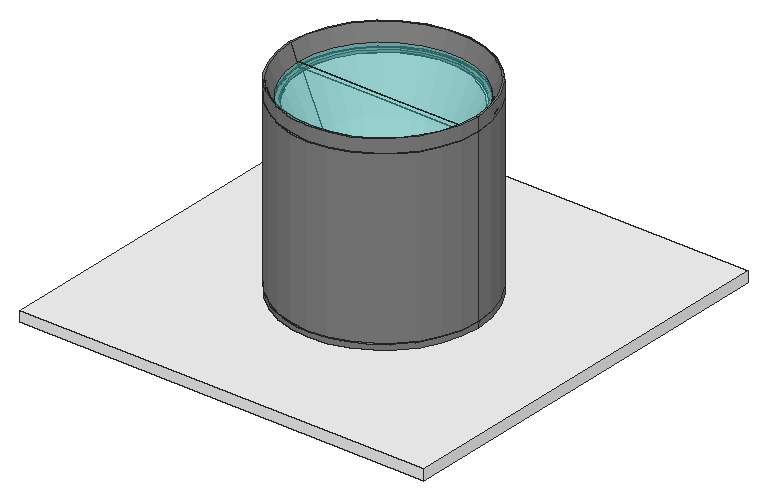
Revit family "BE_24421_de_DE", category Leuchten, Revit 2020
Family settings
  Basisbauteil = Fläche
  Bemaßung runder Anschluss = Durchmesser verwenden
  Teiletyp = Normal
  Beim Laden mit Abzugskörper schneiden = Ja
  Lichtquelle = Ja
  Gemeinsam genutzt = Nein
  Raumberechnungspunkt = Ja
Parameters (values of type "BEGA_24421_Grafit_K4")
  built-in parameter 1150104 = 12.17 (stored number, unit not read)
  Wattage = 35.7 W
  Default Elevation = 0 mm
  built-in parameter 1150113 = 1 (stored number, unit not read)
  built-in parameter 1114218 = 1 (stored number, unit not read)
  Umgebungstemperatur = "25 °C"
  URL = "https://www.bega.com/de/produkt/24421"
  Typenkommentare = "© 2022 BEGA. Wir behalten uns das Recht vor, technische Änderungen ohne vorherige Ankündigung vorzunehmen."  # constant formula
  Type Image = 24421.png
  built-in parameter 1150134 = 12
  built-in parameter 1150109 = 1 (stored number, unit not read)
  Strom = ""
  built-in parameter 1150110 = 1 (stored number, unit not read)
  Spannung = 239.996 V
  Sonderanfertigung = no
  Seriennummer [instance] = "Hier können Sie die eindeutige Seriennummer für das Facility Management eintragen."
  Schutzklasse = "I"
  Schutzart = "IP 65"
  Scheinlast = 0 VA
  Produktdatenblatt = "https://cdn.bega.com/bega/products/24421WK4/current/documents/data-sheets/de"
  Oberflächentemperatur = ""
  Neigungswinkel = 0.00°
  Modell = "24421K4"
  Material_17 = BEGA_Reflektor
  Material_15 = BEGA_Leuchtmedium_matt
  Material_11 = BEGA_Glas_opal
  Material_09 = BEGA_Glas_klar
  Material_06 = BEGA_Oberfläche_Edelstahl_gebürstet
  Material_03 = BEGA_Oberfläche_Weiss_matt
  Material_02 = BEGA_Oberfläche_Silber_matt
  Material_01 [instance] = BEGA_Oberfläche_Grafit_matt
  M_W = no
  M_G = yes
  M_A = no
  Logo = 0
  built-in parameter 1114217 = 1 (stored number, unit not read)
  built-in parameter 1150139 = (empty or 0)
  built-in parameter 1150105 = 372.16 (stored number, unit not read)
  built-in parameter 1150114 = 1 (stored number, unit not read)
  Lumens = 4676.7 lm
  built-in parameter 1150115 = 1 (stored number, unit not read)
  Leuchtenlichtstrom = "4701 lm"
  Leuchtenanzahl = ""
  Lebensdauerkriterien = "L70B50 @ 25 °C = 180000 h"
  Lastklassifizierung = Beleuchtung
  built-in parameter 1150112 = 1 (stored number, unit not read)
  Lampenlichtstrom = "6165 lm"
  Lampe = "LED 35.7 W"
  LED_Modulbezeichnung = "LED-0785/840"
  Hersteller = "BEGA"  # constant formula
  Halbstreuwinkel = ""
  Gewicht = "2.9 kg"
  Gebrauchslageneinschränkung [instance] = ""
  Frequenz = "0/50-60 Hz"
  Farbwiedergabeindex = "CRI > 80"
  Farbtemperaturverschiebung bei Dämpfen der Lampe = <Keine Auswahl>
  Farbtemperatur = "4000 K"
  Color Filter = 16777215
  built-in parameter 1150133 = 10 (stored number, unit not read)
  Energieeffizienzklasse = "LED A++ - A"
  built-in parameter 1150137 = (empty or 0)
  built-in parameter 1150132 = (empty or 0)
  ENEC = "ja"
  Dimmbar [instance] = "DALI"
  Datei für fotometrisches Netz = "BE_24421K4.IES"
  CE_Konformität = "ja"
  Bestellnummer = "24421K4"
  Beschreibung_Sonderanfertigung = "Hier können Sie Informationen zur Sonderanfertigung eintragen."
  Beschreibung = "Deckenaufbau-Tiefstrahler"
  built-in parameter 1150106 = 3.7216 (stored number, unit not read)
  Befestigungsbohrung = "Ø 4,3 mm"
  Befestigungsabstand = "160 mm"
  Ballwurfsicher = ""
  BEGA_Intern_aus = yes
  BEGA_Intern_an = yes
  BEGA_Intern_Konstruktion = yes
  BEGA_Intern = yes
  BEGA_IES = yes
  BEGA_Dummy = no
  Anschlussleitung = ""
  Anschlussleistung [instance] = "38.2 W"
  Anschlusskasten = ""
  built-in parameter 1150107 = 4000 (stored number, unit not read)
  built-in parameter 1150102 = (empty or 0)
  built-in parameter 1150138 = (empty or 0)
  Aktualisierung = "2022-05-18T04:00:07"
  Abstand_zur_angestrahlten_Fläche [instance] = ""
  AC/DC = "AC/DC"
Types (4, lengths in mm): name | built-in parameter 1150104 | built-in parameter 1150134 | Modell | M_W | M_G | built-in parameter 1150105 | Lumens | Leuchtenlichtstrom | Lampenlichtstrom | LED_Modulbezeichnung | Farbtemperatur | Datei für fotometrisches Netz | Bestellnummer | built-in parameter 1150106 | built-in parameter 1150107
  BEGA_24421_Grafit_K3 | 11.892 (stored number, unit not read) | (empty or 0) | "24421K3" | no | yes | 363.64 (stored number, unit not read) | 4569.6 lm | "4583 lm" | "6010 lm" | "LED-0785/830" | "3000 K" | "BE_24421K3.IES" | "24421K3" | 3.6364 (stored number, unit not read) | 3000 (stored number, unit not read)
  BEGA_24421_Grafit_K4 | 12.17 (stored number, unit not read) | 12 | "24421K4" | no | yes | 372.16 (stored number, unit not read) | 4676.7 lm | "4701 lm" | "6165 lm" | "LED-0785/840" | "4000 K" | "BE_24421K4.IES" | "24421K4" | 3.7216 (stored number, unit not read) | 4000 (stored number, unit not read)
  BEGA_24421_Weiß_K3 | 11.892 (stored number, unit not read) | (empty or 0) | "24421WK3" | yes | no | 363.64 (stored number, unit not read) | 4569.6 lm | "4583 lm" | "6010 lm" | "LED-0785/830" | "3000 K" | "BE_24421K3.IES" | "24421WK3" | 3.6364 (stored number, unit not read) | 3000 (stored number, unit not read)
  BEGA_24421_Weiß_K4 | 12.17 (stored number, unit not read) | 12 | "24421WK4" | yes | no | 11964.9 (stored number, unit not read) | 4676.7 lm | "4701 lm" | "6165 lm" | "LED-0785/840" | "4000 K" | "BE_24421K4.IES" | "24421WK4" | 119.65 (stored number, unit not read) | 4000 (stored number, unit not read)
Reference planes
  plane 1 "Mitte (Vorne/Hinten)": y = 0
  plane 2: z = 0
  plane 3 "Mitte (Links/Rechts)": x = 0
  plane 4 "Links": x = -93.5
  plane 5 "Rechts": x = 93.5
  plane 6 "Unten": y = -93.5
  plane 7 "Oben": y = 93.5
  plane 8 "Vorne": z = 187.379
  plane 9 "Hinten": z = 0
Forms (mm)
  Extrusion 1, solid, material "BEGA_Platte_Weiss"
    sketch origin (0, -1119.2, 0) x (1, 0, 0) y (0, 1, 0)
      loop
        line (-200, 1319.2) -> (-200, 919.2) -> (200, 919.2) -> (200, 1319.2) -> (-200, 1319.2)
    from 0 to -10
  Extrusion 2, solid, material "BEGA_Dummy_matt", visible <- "BEGA_Dummy"
    sketch origin (77.149, -76.023, 0) x (1, 0, 0) y (0, 1, 0)
      loop
        circle (-77.149, 76.023) r 93.5
    from 0 to 187.379
Dimensions and locks
  plane 1 "Mitte (Vorne/Hinten)" to Extrusion 1 = 200 mm
  aligned and locked: plane 2 to Extrusion 1
  aligned and locked: level to Extrusion 1
Nested families
  nested 1: "BE_24421" at (0, 0, 0), type "BE_24421"
Connectors
  electrical at (0, 0, 0), driven by "Lastklassifizierung", driven by "Spannung", driven by "Scheinlast"
    settings: index 1, voltage 239.996 V, apparent load 0 VA, apparent load phase1 0 VA, apparent load phase2 0 VA, apparent load phase3 0 VA, power factor 1, load classification "Beleuchtung", number of poles 1, system type 31, power factor state 1, is connector primary yes, connector utility no, sub classification motor no, connector description ""
Definition of nested family "BE_24421"
  Parameters (values of type "BE_24421")
    Default Elevation = 1 mm
    URL = "http://www.bega.de/de/produkt"
    Type Comments = "© 2015 BEGA. Wir behalten uns das Recht vor, technische Änderungen ohne vorherige Ankündigung vorzunehmen. "  # constant formula
    Type Image = (empty or 0)
    Neigungswinkel_um_Z2 = 0.00°
    Neigungswinkel_um_Z1 = 0.00°
    Neigungswinkel_um_Y2 = 0.00°
    Neigungswinkel_um_Y1 = 0.00°
    Neigungswinkel_um_X2 = 0.00°
    Neigungswinkel_um_X1 = 0.00°
    Material_17 = none
    Material_15 = none
    Material_11 = none
    Material_09 = none
    Material_06 = none
    Material_03 = none
    Material_02 = none
    Material_01 = none
    M_W = yes
    M_G = yes
    M_A = yes
    Länge_Platte = 200 mm  # constant formula
    Höhe_Platte = -10 mm  # constant formula
    Manufacturer = "BEGA"  # constant formula
    Drehwinkel_um_Z2 = 0.00°
    Drehwinkel_um_Z1 = 0.00°
    Breite_Platte = 200 mm  # constant formula
  Reference planes
    plane 1 "Mitte (Oben/Unten)": y = 0
    plane 2: z = 0
    plane 3 "Mitte (Links/Rechts)": x = 0
    plane 4 "Hinten": z = -40
    plane 5: z = 187.4
    plane 6: x = -93.5
    plane 7: x = 93.5
    plane 8: y = 93.5
    plane 9: y = -93.5
  Forms (mm)
    Extrusion 1, solid, detail levels medium
      sketch origin (0, 0, 0) x (1, 0, 0) y (0, 1, 0)
        loop
          line (-100, 100) -> (-100, -100) -> (100, -100) -> (100, 100) -> (-100, 100)
      from 0 to -10 <- "Höhe_Platte"
    Revolve 2, solid, material <- "Material_09"
      sketch origin (0, 0, 0) x (1, 0, 0) y (0, 0, 1)
        loop
          line (-84.5, 173) -> (-84.5, 168.9) -> (0, 168.9) -> (0, 173) -> (-84.5, 173)
        axis (0, 168.9) -> (0, 173)
      angle from 0 to 360
    Revolve 3, solid, material <- "Material_17"
      sketch origin (0, 0, 0) x (1, 0, 0) y (0, 0, 1)
        loop
          line (-85, 164.6) -> (-81.237, 164.6)
          arc (-81.237, 164.6) -> (-61.141, 119.72) -> (-36.386, 77.232) r 461.8
          arc (-36.386, 77.232) -> (-35.852, 76.767) -> (-35.163, 76.6) r 1.5
          line (-35.163, 76.6) -> (-32, 76.6) -> (-32, 77.9)
          arc (-32, 77.9) -> (-32.146, 78.254) -> (-32.5, 78.4) r 0.5
          line (-32.5, 78.4) -> (-34.992, 78.4)
          arc (-34.992, 78.4) -> (-59.857, 121.192) -> (-79.999, 166.4) r 461.8
          line (-79.999, 166.4) -> (-84.937, 166.4) -> (-85, 164.6)
        axis (0, 166.4) -> (0, 76.6)
      angle from 0 to 360
    Revolve 4, solid, material <- "Material_01", visible <- "M_G"
      sketch origin (0, 0, 0) x (1, 0, 0) y (0, 0, 1)
        loop
          line (-93.5, 174.417) -> (-91.384, 174.194) -> (-89.5, 170.668) -> (-90.5, 170.091) -> (-90.5, 161.55) -> (-88.578, 160.9) -> (-87.309, 160.9) -> (-84.937, 166.4) -> (-81.087, 166.4) -> (-81.017, 168.4) -> (-84.965, 168.4) -> (-85, 169.4) -> (-92, 187.4) -> (-93.5, 187.4) -> (-93.5, 174.417)
        axis (0, 187.4) -> (0, 160.9)
      angle from 0 to 360
    Revolve 5, solid, material <- "Material_01", visible <- "M_G"
      sketch origin (0, 0, 0) x (1, 0, 0) y (0, 0, 1)
        loop
          line (-93.5, 173.4) -> (-93.5, 6) -> (-92.592, 6) -> (-91.5, 9) -> (-91.5, 25) -> (-83.5, 25) -> (-81.974, 68.7) -> (0, 68.7) -> (0, 73.7) -> (-80.682, 73.7) -> (-83.5, 154.398) -> (-91.5, 154.398) -> (-91.5, 170.4) -> (-92.592, 173.4) -> (-93.5, 173.4)
        axis (0, 173.4) -> (0, 6)
      angle from 0 to 360
    Revolve 6, solid, material <- "Material_01", visible <- "M_G"
      sketch origin (0, 0, 0) x (1, 0, 0) y (0, 0, 1)
        loop
          line (-83.843, 23) -> (-90.5, 23) -> (-90.5, 5.299) -> (-93.5, 4.983) -> (-93.5, 0) -> (-87.198, 0) -> (-86.5, 20) -> (-80, 20) -> (0, 20) -> (0, 23) -> (-83.843, 23)
        axis (0, 23) -> (0, 0)
      angle from 0 to 360
    Revolve 7, solid, material <- "Material_15"
      sketch origin (0, 0, 0) x (1, 0, 0) y (0, 0, 1)
        loop
          line (-25, 73.7) -> (0, 73.7) -> (0, 75.25) -> (-25, 75.25) -> (-25, 73.7)
        axis (0, 73.7) -> (0, 75.25)
      angle from 0 to 360
    Extrusion 8, solid, material <- "Material_01", visible <- "M_G"
      sketch origin (0, 0, 0) x (1, 0, 0) y (0, 1, 0)
        loop
          circle (0, -80) r 6.414
        loop
          circle (0, 80) r 6.414
        loop
          circle (0, 80) r 2.233
        loop
          circle (0, -80) r 2.233
      from 0 to 23
    Revolve 9, solid, material <- "Material_03", visible <- "M_W"
      sketch origin (0, 0, 0) x (1, 0, 0) y (0, 0, 1)
        loop
          line (-93.5, 174.417) -> (-91.384, 174.194) -> (-89.5, 170.668) -> (-90.5, 170.091) -> (-90.5, 161.55) -> (-88.578, 160.9) -> (-87.309, 160.9) -> (-84.937, 166.4) -> (-81.087, 166.4) -> (-81.017, 168.4) -> (-84.965, 168.4) -> (-85, 169.4) -> (-92, 187.4) -> (-93.5, 187.4) -> (-93.5, 174.417)
        axis (0, 187.4) -> (0, 160.9)
      angle from 0 to 360
    Revolve 10, solid, material <- "Material_03", visible <- "M_W"
      sketch origin (0, 0, 0) x (1, 0, 0) y (0, 0, 1)
        loop
          line (-93.5, 173.4) -> (-93.5, 6) -> (-92.592, 6) -> (-91.5, 9) -> (-91.5, 25) -> (-83.5, 25) -> (-81.974, 68.7) -> (0, 68.7) -> (0, 73.7) -> (-80.682, 73.7) -> (-83.5, 154.398) -> (-91.5, 154.398) -> (-91.5, 170.4) -> (-92.592, 173.4) -> (-93.5, 173.4)
        axis (0, 173.4) -> (0, 6)
      angle from 0 to 360
    Revolve 11, solid, material <- "Material_03", visible <- "M_W"
      sketch origin (0, 0, 0) x (1, 0, 0) y (0, 0, 1)
        loop
          line (-83.843, 23) -> (-90.5, 23) -> (-90.5, 5.299) -> (-93.5, 4.983) -> (-93.5, 0) -> (-87.198, 0) -> (-86.5, 20) -> (-80, 20) -> (0, 20) -> (0, 23) -> (-83.843, 23)
        axis (0, 23) -> (0, 0)
      angle from 0 to 360
    Extrusion 12, solid, material <- "Material_03", visible <- "M_W"
      sketch origin (0, 0, 0) x (1, 0, 0) y (0, 1, 0)
        loop
          circle (0, -80) r 6.414
        loop
          circle (0, 80) r 6.414
        loop
          circle (0, 80) r 2.233
        loop
          circle (0, -80) r 2.233
      from 0 to 23
    Extrusion 13, void
      sketch origin (0, 0, 0) x (1, 0, 0) y (0, 1, 0)
        loop
          circle (-65, -20) r 7.197
        loop
          circle (-65, 20) r 7.197
      from 0 to 28.487
  Cuts and joins
    Extrusion 13 cuts Revolve 6
    Extrusion 13 cuts Extrusion 8
    joined: Revolve 6, Extrusion 8
    Extrusion 13 cuts Revolve 11
    Extrusion 13 cuts Extrusion 12
    joined: Revolve 11, Extrusion 12
    Extrusion 13 cuts Revolve 2
    Extrusion 13 cuts Revolve 3
    Extrusion 13 cuts Revolve 5
    Extrusion 13 cuts Revolve 10
  Dimensions and locks
    equal spacing: Extrusion 1 sketch curve, plane 3 "Mitte (Links/Rechts)", Extrusion 1 sketch curve
    equal spacing: Extrusion 1 sketch curve, plane 1 "Mitte (Oben/Unten)", Extrusion 1 sketch curve
    "Länge_Platte": Extrusion 1 sketch curve to Extrusion 1 sketch curve
    "Breite_Platte": Extrusion 1 sketch curve to Extrusion 1 sketch curve
    aligned and locked: plane 2 to Extrusion 1
    aligned and locked: level to Extrusion 1
  Automatic sketch dimensions
    Revolve 2 sketch curve to plane 3 "Mitte (Links/Rechts)" = 0 mm  (x2)
    Revolve 2 sketch curve to Revolve 2 sketch curve = 84.5 mm
    Revolve 2 sketch curve to Revolve 2 sketch curve = 4.1 mm
    Revolve 2 sketch curve to Revolve 2 sketch curve = 7.629 mm
    Revolve 2 sketch curve to Revolve 2 sketch curve = 3.343 mm
    Revolve 3 sketch curve to plane 3 "Mitte (Links/Rechts)" = 0 mm
    Revolve 3 sketch curve to plane 3 "Mitte (Links/Rechts)" = 32 mm
    Revolve 3 sketch curve to Revolve 3 sketch curve = 0.5 mm
    Revolve 3 sketch curve to Revolve 3 sketch curve = 2.492 mm
    Revolve 3 sketch curve to Revolve 3 sketch curve = 0.171 mm
    Revolve 3 sketch curve to plane 3 "Mitte (Links/Rechts)" = 79.999 mm
    Revolve 3 sketch curve to Revolve 3 sketch curve = 1.238 mm
    Revolve 3 sketch curve to Revolve 3 sketch curve = 3.7 mm
    Revolve 3 sketch curve to Revolve 3 sketch curve = 0.063 mm
    level to Revolve 3 sketch curve = 78.4 mm
    Revolve 3 sketch curve to Revolve 3 sketch curve = 0.3 mm
    Revolve 3 sketch curve to Revolve 3 sketch curve = 1.3 mm
    plane 3 "Mitte (Links/Rechts)" to Revolve 3 sketch curve = 349.688 mm
    Revolve 3 sketch curve to Revolve 3 sketch curve = 1.603 mm
    Revolve 4 sketch curve to plane 3 "Mitte (Links/Rechts)" = 0 mm
    Revolve 4 sketch curve to plane 3 "Mitte (Links/Rechts)" = 81.017 mm
    Revolve 4 sketch curve to Revolve 4 sketch curve = 0.07 mm
    Revolve 4 sketch curve to Revolve 4 sketch curve = 3.85 mm
    Revolve 4 sketch curve to Revolve 4 sketch curve = 0.028 mm
    Revolve 4 sketch curve to Revolve 4 sketch curve = 0.035 mm
    Revolve 4 sketch curve to Revolve 4 sketch curve = 2.371 mm
    Revolve 4 sketch curve to Revolve 4 sketch curve = 1.27 mm
    Revolve 4 sketch curve to Revolve 4 sketch curve = 4.5 mm
    Revolve 4 sketch curve to Revolve 4 sketch curve = 1 mm  (x2)
    Revolve 4 sketch curve to Revolve 4 sketch curve = 1.884 mm
    Revolve 4 sketch curve to Revolve 4 sketch curve = 0.616 mm
    Revolve 4 sketch curve to Revolve 4 sketch curve = 2.116 mm
    Revolve 4 sketch curve to Revolve 4 sketch curve = 0.65 mm
    Revolve 4 sketch curve to Revolve 4 sketch curve = 0.222 mm
    Revolve 5 sketch curve to plane 3 "Mitte (Links/Rechts)" = 0 mm  (x2)
    Revolve 5 sketch curve to plane 3 "Mitte (Links/Rechts)" = 80.682 mm
    Revolve 5 sketch curve to Revolve 5 sketch curve = 1.292 mm
    Revolve 5 sketch curve to Revolve 5 sketch curve = 2.818 mm
    level to Revolve 5 sketch curve = 25 mm
    Revolve 5 sketch curve to Revolve 5 sketch curve = 1.526 mm
    Revolve 5 sketch curve to Revolve 5 sketch curve = 8 mm  (x2)
    Revolve 5 sketch curve to Revolve 5 sketch curve = 1.092 mm  (x2)
    level to Revolve 5 sketch curve = 6 mm
    Revolve 5 sketch curve to Revolve 5 sketch curve = 0.908 mm
    Revolve 5 sketch curve to Revolve 5 sketch curve = 3 mm  (x2)
    level to Revolve 5 sketch curve = 68.7 mm
    Revolve 5 sketch curve to Revolve 5 sketch curve = 5 mm
    Revolve 5 sketch curve to Revolve 5 sketch curve = 16.002 mm
    Revolve 5 sketch curve to Revolve 5 sketch curve = 40.698 mm
    Revolve 5 sketch curve to Revolve 5 sketch curve = 25 mm
    Revolve 7 sketch curve to plane 3 "Mitte (Links/Rechts)" = 0 mm  (x2)
    Revolve 7 sketch curve to Revolve 7 sketch curve = 25 mm
    Revolve 7 sketch curve to Revolve 7 sketch curve = 0 mm
    level to Revolve 7 sketch curve = 73.7 mm
    Revolve 7 sketch curve to Revolve 7 sketch curve = 1.55 mm
    Revolve 7 sketch curve to Revolve 7 sketch curve = 20 mm
    Revolve 7 sketch curve to Revolve 7 sketch curve = 5.439 mm
    Revolve 6 sketch curve to level = 0 mm
    Revolve 6 sketch curve to plane 3 "Mitte (Links/Rechts)" = 0 mm  (x2)
    level to Revolve 6 sketch curve = 23 mm
    Revolve 6 sketch curve to Revolve 6 sketch curve = 83.843 mm
    Revolve 6 sketch curve to Revolve 6 sketch curve = 2.657 mm
    Revolve 6 sketch curve to Revolve 6 sketch curve = 0.698 mm
    Revolve 6 sketch curve to Revolve 6 sketch curve = 4 mm
    Revolve 6 sketch curve to Revolve 6 sketch curve = 3 mm  (x2)
    Revolve 6 sketch curve to Revolve 6 sketch curve = 4.983 mm
    Revolve 6 sketch curve to Revolve 6 sketch curve = 0.315 mm
    Revolve 6 sketch curve to Revolve 6 sketch curve = 3.843 mm
    Revolve 6 sketch curve to Revolve 6 sketch curve = 17.175 mm
    Revolve 6 sketch curve to Revolve 6 sketch curve = 5 mm
    Revolve 9 sketch curve to plane 3 "Mitte (Links/Rechts)" = 0 mm
    Revolve 9 sketch curve to plane 3 "Mitte (Links/Rechts)" = 81.017 mm
    Revolve 9 sketch curve to Revolve 9 sketch curve = 0.07 mm
    Revolve 9 sketch curve to Revolve 9 sketch curve = 3.85 mm
    Revolve 9 sketch curve to Revolve 9 sketch curve = 0.028 mm
    Revolve 9 sketch curve to Revolve 9 sketch curve = 0.035 mm
    Revolve 9 sketch curve to Revolve 9 sketch curve = 2.371 mm
    Revolve 9 sketch curve to Revolve 9 sketch curve = 1.27 mm
    Revolve 9 sketch curve to Revolve 9 sketch curve = 4.5 mm
    Revolve 9 sketch curve to Revolve 9 sketch curve = 1 mm  (x2)
    Revolve 9 sketch curve to Revolve 9 sketch curve = 1.884 mm
    Revolve 9 sketch curve to Revolve 9 sketch curve = 0.616 mm
    Revolve 9 sketch curve to Revolve 9 sketch curve = 2.116 mm
    Revolve 9 sketch curve to Revolve 9 sketch curve = 0.65 mm
    Revolve 9 sketch curve to Revolve 9 sketch curve = 0.222 mm
    Revolve 10 sketch curve to plane 3 "Mitte (Links/Rechts)" = 0 mm  (x2)
    Revolve 10 sketch curve to plane 3 "Mitte (Links/Rechts)" = 80.682 mm
    Revolve 10 sketch curve to Revolve 10 sketch curve = 1.292 mm
    Revolve 10 sketch curve to Revolve 10 sketch curve = 2.818 mm
    level to Revolve 10 sketch curve = 25 mm
    Revolve 10 sketch curve to Revolve 10 sketch curve = 1.526 mm
    Revolve 10 sketch curve to Revolve 10 sketch curve = 8 mm  (x2)
    Revolve 10 sketch curve to Revolve 10 sketch curve = 1.092 mm  (x2)
    level to Revolve 10 sketch curve = 6 mm
    Revolve 10 sketch curve to Revolve 10 sketch curve = 0.908 mm
    Revolve 10 sketch curve to Revolve 10 sketch curve = 3 mm  (x2)
    level to Revolve 10 sketch curve = 68.7 mm
    Revolve 10 sketch curve to Revolve 10 sketch curve = 5 mm
    Revolve 10 sketch curve to Revolve 10 sketch curve = 16.002 mm
    Revolve 10 sketch curve to Revolve 10 sketch curve = 40.698 mm
    Revolve 10 sketch curve to Revolve 10 sketch curve = 25 mm
    Revolve 11 sketch curve to level = 0 mm
    Revolve 11 sketch curve to plane 3 "Mitte (Links/Rechts)" = 0 mm  (x2)
    level to Revolve 11 sketch curve = 20 mm
    Revolve 11 sketch curve to Revolve 11 sketch curve = 80 mm
    Revolve 11 sketch curve to Revolve 11 sketch curve = 3.843 mm
    Revolve 11 sketch curve to Revolve 11 sketch curve = 2.657 mm
    Revolve 11 sketch curve to Revolve 11 sketch curve = 0.698 mm
    Revolve 11 sketch curve to Revolve 11 sketch curve = 4 mm
    Revolve 11 sketch curve to Revolve 11 sketch curve = 3 mm  (x2)
    Revolve 11 sketch curve to Revolve 11 sketch curve = 4.983 mm
    Revolve 11 sketch curve to Revolve 11 sketch curve = 0.315 mm
    Revolve 11 sketch curve to Revolve 11 sketch curve = 17.175 mm
    Revolve 11 sketch curve to Revolve 11 sketch curve = 5 mm
    Extrusion 12 sketch curve to Extrusion 12 sketch curve = 0 mm  (x4)
    Extrusion 12 sketch curve to plane 3 "Mitte (Links/Rechts)" = 0 mm  (x2)
    plane 1 "Mitte (Oben/Unten)" to Extrusion 12 sketch curve = 80 mm
    Extrusion 12 sketch curve to plane 1 "Mitte (Oben/Unten)" = 80 mm
    level to Revolve 2 sketch curve = 168.9 mm
    Revolve 3 sketch curve to Revolve 3 sketch curve = 86.2 mm
    Revolve 3 sketch curve to Revolve 3 sketch curve = 1.8 mm
    Revolve 3 sketch curve to Revolve 3 sketch curve = 0.85 mm
    Revolve 3 sketch curve to Revolve 3 sketch curve = 66.193 mm
    Revolve 3 sketch curve to Revolve 3 sketch curve = 36.807 mm
    level to Revolve 4 sketch curve = 160.9 mm
    Revolve 4 sketch curve to Revolve 4 sketch curve = 5.5 mm
    Revolve 4 sketch curve to Revolve 4 sketch curve = 2 mm
    Revolve 4 sketch curve to Revolve 4 sketch curve = 0.691 mm
    Revolve 4 sketch curve to Revolve 4 sketch curve = 0.577 mm
    Revolve 4 sketch curve to Revolve 4 sketch curve = 3.526 mm
    Revolve 4 sketch curve to Revolve 4 sketch curve = 12.983 mm
    Revolve 4 sketch curve to Revolve 4 sketch curve = 4.6 mm
    Revolve 4 sketch curve to Revolve 4 sketch curve = 14.4 mm
    Revolve 5 sketch curve to Revolve 5 sketch curve = 80.698 mm
    level to Revolve 9 sketch curve = 160.9 mm
    Revolve 9 sketch curve to Revolve 9 sketch curve = 5.5 mm
    Revolve 9 sketch curve to Revolve 9 sketch curve = 2 mm
    Revolve 9 sketch curve to Revolve 9 sketch curve = 0.691 mm
    Revolve 9 sketch curve to Revolve 9 sketch curve = 0.577 mm
    Revolve 9 sketch curve to Revolve 9 sketch curve = 3.526 mm
    Revolve 9 sketch curve to Revolve 9 sketch curve = 12.983 mm
    Revolve 9 sketch curve to Revolve 9 sketch curve = 4.6 mm
    Revolve 9 sketch curve to Revolve 9 sketch curve = 14.4 mm
    Revolve 10 sketch curve to Revolve 10 sketch curve = 80.698 mm
    radius of Extrusion 12 sketch curve = 6.414 mm  (x2)
    radius of Extrusion 12 sketch curve = 2.233 mm  (x2)
